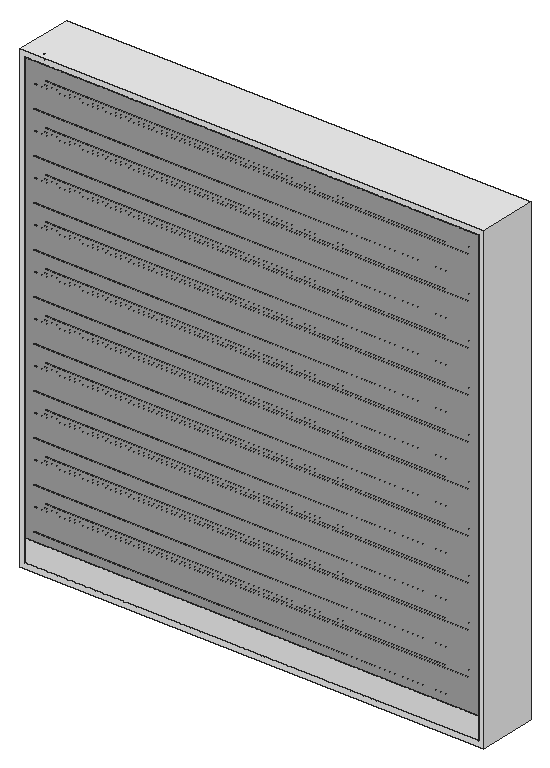
Revit family
Parameters (values of type "Louver_Drnable_EDD-637_All-Lite")
  Warranty = "http://www.alllite-louvers.com/All-Lite_Warranty.pdf"
  URL = "http://www.alllite-louvers.com"
  Specifications = "http://www.alllite-louvers.com/catalog/AEDD-637-csi-specification.doc"
  Spacing = 0.375 ft
  SmartBIM Object Version = 3  # constant formula
  SmartBIM Object Created By = "Reed Construction Data"  # constant formula
  Shim Thickness = 0.042 ft
  Screen Width = Width - (2 * Shim Thickness)  # 3.916 ft
  Screen Height = Height - (2 * Shim Thickness) - 0.198333 ft  # 3.717667 ft
  Screen = Aluminum
  Rough Width = 0.0 ft
  Rough Height = 0.0 ft
  Product URL = "http://www.alllite-louvers.com/catalog.php?model=EDD-637"
  Pressure Loss (in.wg.) = "0.15"  # constant formula
  OmniClass Title = "Exterior Louvers and Grilles"  # constant formula
  OmniClass Code = "23-60 11 17"  # constant formula
  Model = "EDD-637"  # constant formula
  Minimum Size = "4.5\" x 8\""
  Maximum Size - Single Section = "60\" x 120\" or 120\" x 60\""
  Maximum Size - Multiple Section = "Unlimited "
  Manufacturer = "All-Lite"  # constant formula
  Blades Width = Width - (2 * Shim Thickness) - 2 * 0.072917 ft  # 3.770167 ft
  Blades = Mill finish, 6063-T5 Extruded Aluminum
  Installation = "http://www.alllite-louvers.com/catalog/Installation.pdf"
  Height = 4.0 ft
  Free Area for 48”x48” Louver = "57.5%"
  Free Area Velocity (fpm) = "1113"  # constant formula
  Free Area (ft²) for 48"x48" Louver = 9.2 ft
  Frame = Mill finish, 6063-T5 Extruded Aluminum
  Default Sill Height = 3.0 ft
  Wall Closure = (empty or 0)
  Width = 4.0 ft
  Cut Sheet = "http://www.alllite-louvers.com/catalog/AEDD637.pdf"
  Assembly Code = "B2010300"
  Air Volume Delivered (cfm) = "10,242"  # constant formula
  95 CSI = "10200 "  # constant formula
  04 CSI = "08 91 00"  # constant formula
  # of Blades = (Height - 0.25 ft) / (Spacing)  # 10
Reference planes (ft)
  plane 1 "Center (Front/Back)": y = 0
  plane 2: z = 0.291667
  plane 3 "Center (Left/Right)": x = 0
  plane 4 "Left": x = -2
  plane 5 "Right": x = 2
  plane 6 "Sill": z = 3.291667
  plane 7 "Top": z = 7.291667
  plane 8: x = -1.958
  plane 9: x = 1.958
  plane 10: z = 7.249667
  plane 11: z = 3.333667
  plane 12: z = 5.291667
  plane 13: z = 3.417
  plane 14: z = 3.458667
  plane 15: z = 7.166333
  plane 16: z = 7.124667
  plane 17: z = 7.062167
  plane 18: y = -0.165917
Forms (ft)
  Sweep 1, solid, material "Mill finish, 6063-T5 Extruded Aluminum" <- "Frame"
    path origin (-5, 0.333333, 0) x (-1, 0, 0) y (0, 0, 1)
      loop
        line (-6.890292, 7.249667) -> (-3.109708, 7.249667)
    profile "Head Horizontal Mullion : Head Horizontal Mullion" origin (0, 0.333333, 7.249667) x (0, 0, 1) y (0, 1, 0)
      loop
        line (-0.083333, -0.00675) -> (-0.142259, -0.065676) -> (-0.137486, -0.070449) -> (-0.080537, -0.0135) -> (-0.00675, -0.0135) -> (-0.00675, -0.071625)
        arc (-0.00675, -0.071625) -> (-0.007739, -0.074011) -> (-0.010125, -0.075) r 0.003375
        line (-0.010125, -0.075) -> (-0.027583, -0.075) -> (-0.027583, -0.08175) -> (-0.307684, -0.08175) -> (-0.307684, -0.0135) -> (-0.231101, -0.0135) -> (-0.231101, -0.00675) -> (-0.314434, -0.00675) -> (-0.314434, -0.0885) -> (-0.206564, -0.0885)
        arc (-0.206564, -0.0885) -> (-0.204178, -0.089489) -> (-0.203189, -0.091875) r 0.003375
        line (-0.203189, -0.091875) -> (-0.203189, -0.104254)
        arc (-0.203189, -0.104254) -> (-0.203748, -0.106115) -> (-0.20524, -0.107359) r 0.003375
        arc (-0.20524, -0.107359) -> (-0.213421, -0.117587) -> (-0.209404, -0.130053) r 0.013833
        arc (-0.209404, -0.130053) -> (-0.205743, -0.130726) -> (-0.203689, -0.127621) r 0.003375
        arc (-0.203689, -0.127621) -> (-0.203959, -0.126299) -> (-0.204725, -0.125188) r 0.003375
        arc (-0.204725, -0.125188) -> (-0.199814, -0.113) -> (-0.194904, -0.125188) r 0.007083
        arc (-0.194904, -0.125188) -> (-0.19567, -0.126299) -> (-0.195939, -0.127621) r 0.003375
        arc (-0.195939, -0.127621) -> (-0.193886, -0.130726) -> (-0.190225, -0.130053) r 0.003375
        arc (-0.190225, -0.130053) -> (-0.186208, -0.117587) -> (-0.194388, -0.107359) r 0.013833
        arc (-0.194388, -0.107359) -> (-0.19588, -0.106115) -> (-0.196439, -0.104254) r 0.003375
        line (-0.196439, -0.104254) -> (-0.196439, -0.091875)
        arc (-0.196439, -0.091875) -> (-0.195451, -0.089489) -> (-0.193064, -0.0885) r 0.003375
        line (-0.193064, -0.0885) -> (-0.06925, -0.0885) -> (-0.06925, -0.09525) -> (-0.046442, -0.09525)
        arc (-0.046442, -0.09525) -> (-0.044055, -0.096239) -> (-0.043067, -0.098625) r 0.003375
        line (-0.043067, -0.098625) -> (-0.043067, -0.104254)
        arc (-0.043067, -0.104254) -> (-0.043626, -0.106115) -> (-0.045118, -0.107359) r 0.003375
        arc (-0.045118, -0.107359) -> (-0.053298, -0.117587) -> (-0.049281, -0.130053) r 0.013833
        arc (-0.049281, -0.130053) -> (-0.04562, -0.130726) -> (-0.043567, -0.127621) r 0.003375
        arc (-0.043567, -0.127621) -> (-0.043836, -0.126299) -> (-0.044602, -0.125188) r 0.003375
        arc (-0.044602, -0.125188) -> (-0.039692, -0.113) -> (-0.034781, -0.125188) r 0.007083
        arc (-0.034781, -0.125188) -> (-0.035547, -0.126299) -> (-0.035817, -0.127621) r 0.003375
        arc (-0.035817, -0.127621) -> (-0.033763, -0.130726) -> (-0.030102, -0.130053) r 0.003375
        arc (-0.030102, -0.130053) -> (-0.026085, -0.117587) -> (-0.034266, -0.107359) r 0.013833
        arc (-0.034266, -0.107359) -> (-0.035758, -0.106115) -> (-0.036317, -0.104254) r 0.003375
        line (-0.036317, -0.104254) -> (-0.036317, -0.098625)
        arc (-0.036317, -0.098625) -> (-0.035328, -0.096239) -> (-0.032942, -0.09525) r 0.003375
        line (-0.032942, -0.09525) -> (-0.00675, -0.09525) -> (-0.00675, -0.384167)
        arc (-0.00675, -0.384167) -> (-0.007739, -0.386553) -> (-0.010125, -0.387542) r 0.003375
        line (-0.010125, -0.387542) -> (-0.023858, -0.387542)
        arc (-0.023858, -0.387542) -> (-0.025719, -0.386983) -> (-0.026963, -0.385491) r 0.003375
        arc (-0.026963, -0.385491) -> (-0.037191, -0.37731) -> (-0.049657, -0.381327) r 0.013833
        arc (-0.049657, -0.381327) -> (-0.05033, -0.384988) -> (-0.047225, -0.387042) r 0.003375
        arc (-0.047225, -0.387042) -> (-0.045903, -0.386772) -> (-0.044793, -0.386006) r 0.003375
        arc (-0.044793, -0.386006) -> (-0.032604, -0.390917) -> (-0.044793, -0.395827) r 0.007083
        arc (-0.044793, -0.395827) -> (-0.045903, -0.395061) -> (-0.047225, -0.394792) r 0.003375
        arc (-0.047225, -0.394792) -> (-0.05033, -0.396845) -> (-0.049657, -0.400506) r 0.003375
        arc (-0.049657, -0.400506) -> (-0.037191, -0.404523) -> (-0.026963, -0.396343) r 0.013833
        arc (-0.026963, -0.396343) -> (-0.025719, -0.394851) -> (-0.023858, -0.394292) r 0.003375
        line (-0.023858, -0.394292) -> (-0.010125, -0.394292)
        arc (-0.010125, -0.394292) -> (-0.007739, -0.39528) -> (-0.00675, -0.397667) r 0.003375
        line (-0.00675, -0.397667) -> (-0.00675, -0.49325) -> (-0.0625, -0.49325) -> (-0.0625, -0.5) -> (0, -0.5) -> (0, -0.00675) -> (-0.083333, -0.00675)
  Sweep 2, solid, material "Mill finish, 6063-T5 Extruded Aluminum" <- "Frame"
    path origin (-5, 0.333333, 0) x (-1, 0, 0) y (0, 0, 1)
      loop
        line (-6.958, 3.333667) -> (-3.042, 3.333667)
    profile "Horizontal Mullion : Horizontal Mullion" origin (0, 0.333333, 3.333667) x (0, 0, 1) y (0, 1, 0)
      loop
        line (0.076583, -0.00675) -> (0.076583, -0.5) -> (0.00675, -0.5) -> (0.00675, -0.465083) -> (0, -0.465083) -> (0, -0.50675) -> (0.197917, -0.50675) -> (0.197917, -0.5) -> (0.083333, -0.5) -> (0.083333, 0) -> (0, 0) -> (0, -0.041667) -> (0.00675, -0.041667) -> (0.00675, -0.00675) -> (0.076583, -0.00675)
  Sweep 3, solid, material "Mill finish, 6063-T5 Extruded Aluminum" <- "Frame"
    path origin (-5, 0.333333, 0) x (-1, 0, 0) y (0, 0, 1)
      loop
        line (-6.958, 3.417) -> (-6.958, 7.249667)
    profile "Vertical Mullion : Vertical Mullion" origin (1.958, 0.333333, 5.333333) x (1, 0, 0) y (0, 1, 0)
      loop
        line (-0.067708, -0.08175) -> (-0.067708, -0.5) -> (0, -0.5) -> (0, -0.472417) -> (-0.00675, -0.472417) -> (-0.00675, -0.49325) -> (-0.060958, -0.49325) -> (-0.060958, -0.0885) -> (0, -0.0885) -> (0, 0) -> (-0.083333, 0) -> (-0.083333, -0.00675) -> (-0.067708, -0.00675) -> (-0.067708, -0.022375) -> (-0.060958, -0.022375) -> (-0.060958, -0.00675) -> (-0.00675, -0.00675) -> (-0.00675, -0.08175) -> (-0.067708, -0.08175)
  Sweep 4, solid, material "Mill finish, 6063-T5 Extruded Aluminum" <- "Frame"
    path origin (5, 0.333333, 0) x (1, 0, 0) y (0, 0, -1)
      loop
        line (-6.958, -3.417) -> (-6.958, -7.249667)
    profile "Vertical Mullion : Vertical Mullion" origin (-1.958, 0.333333, 5.333333) x (1, 0, 0) y (0, 1, 0)
      loop
        line (0.067708, -0.08175) -> (0.00675, -0.08175) -> (0.00675, -0.00675) -> (0.060958, -0.00675) -> (0.060958, -0.022375) -> (0.067708, -0.022375) -> (0.067708, -0.00675) -> (0.083333, -0.00675) -> (0.083333, 0) -> (0, 0) -> (0, -0.0885) -> (0.060958, -0.0885) -> (0.060958, -0.49325) -> (0.00675, -0.49325) -> (0.00675, -0.472417) -> (0, -0.472417) -> (0, -0.5) -> (0.067708, -0.5) -> (0.067708, -0.08175)
  Sweep 5, solid, material "Mill finish, 6063-T5 Extruded Aluminum" <- "Frame"
    path origin (-5, 0.333333, 0) x (-1, 0, 0) y (0, 0, 1)
      loop
        line (-3, 7.291667) -> (-7, 7.291667) -> (-7, 3.291667) -> (-3, 3.291667) -> (-3, 7.291667)
    profile origin (-2, 0.333333, 5.291667) x (0, 1, 0) y (-1, 0, 0)
      loop
        line (0, 0) -> (-0.50675, 0) -> (-0.50675, -0.042) -> (0, -0.042) -> (0, 0)
  Extrusion 6, solid, material "Aluminum" <- "Screen"
    sketch origin (1.458333, 0, 3.416667) x (0, 0, 1) y (-1, 0, 0)
      loop
        line (0.114917, -0.499667) -> (3.833, -0.499667) -> (3.833, 3.416333) -> (0.114917, 3.416333) -> (0.114917, -0.499667)
    from 0.166667 to 0.173417
Cuts and joins
  joined: Sweep 3, Sweep 4
Lines and regions (ft)
  Opening 1
    outline origin (-5, -0.333333, 0) x (1, 0, 0) y (0, 0, 1)
      loop
        line (3, 7.291667) -> (3, 3.291667) -> (7, 3.291667) -> (7, 7.291667) -> (3, 7.291667)
  Masking region 1, detail levels coarse+medium
    outline origin (0, 0, 0) x (1, 0, 0) y (0, 1, 0)
      loop
        line (-2, -0.173417) -> (-1.890292, -0.173417) -> (-1.890292, 0.333333) -> (-2, 0.333333) -> (-2, -0.173417)
  Masking region 2, detail levels fine
    outline origin (0, 0, 0) x (1, 0, 0) y (0, 1, 0)
      loop
        line (-1.890292, 0.251583) -> (-1.95125, 0.251583) -> (-1.95125, 0.326583) -> (-1.897042, 0.326583) -> (-1.897042, 0.310958) -> (-1.890292, 0.310958) -> (-1.890292, 0.326583) -> (-1.874667, 0.326583) -> (-1.874667, 0.333333) -> (-1.958, 0.333333) -> (-1.958, 0.244833) -> (-1.897042, 0.244833) -> (-1.897042, -0.159917) -> (-1.95125, -0.159917) -> (-1.95125, -0.139083) -> (-1.958, -0.139083) -> (-1.958, -0.166667) -> (-1.890292, -0.166667) -> (-1.890292, 0.251583)
  Masking region 3, detail levels coarse+medium
    outline origin (0, 0, 0) x (1, 0, 0) y (0, 1, 0)
      loop
        line (2, -0.173417) -> (2, 0.333333) -> (1.890292, 0.333333) -> (1.890292, -0.173417) -> (2, -0.173417)
  Masking region 4, detail levels fine
    outline origin (0, 0, 0) x (1, 0, 0) y (0, 1, 0)
      loop
        line (1.897042, 0.244833) -> (1.958, 0.244833) -> (1.958, 0.333333) -> (1.874667, 0.333333) -> (1.874667, 0.326583) -> (1.890292, 0.326583) -> (1.890292, 0.310958) -> (1.897042, 0.310958) -> (1.897042, 0.326583) -> (1.95125, 0.326583) -> (1.95125, 0.251583) -> (1.890292, 0.251583) -> (1.890292, -0.166667) -> (1.958, -0.166667) -> (1.958, -0.139083) -> (1.95125, -0.139083) -> (1.95125, -0.159917) -> (1.897042, -0.159917) -> (1.897042, 0.244833)
Text (ft)
  text "EXTERIOR" at (-4.890733, 4.242245, 0), in view "Ref. Level"
  text "INTERIOR" at (-4.890733, -3.147199, 0), in view "Ref. Level"
  text "Exterior" at (0, 3.638026, 10.266337), in view "Left"
  text "Exterior" at (0, 1.524487, 10.420622), in view "Right"
Dimensions and locks (ft)
  equal spacing: plane 4 "Left", plane 3 "Center (Left/Right)", plane 5 "Right"
  "Width": plane 4 "Left" to plane 5 "Right"
  "Height": plane 6 "Sill" to plane 7 "Top"
  "Default Sill Height": plane 2 to plane 6 "Sill"
  "Shim Thickness": plane 4 "Left" to plane 8
  "Shim Thickness": plane 9 to plane 5 "Right"
  "Shim Thickness": plane 10 to plane 7 "Top"
  "Shim Thickness": plane 6 "Sill" to plane 11
  equal spacing: plane 11, plane 12, plane 10
  locked: plane 13 to plane 11 at 0.083333
  locked: plane 14 to plane 13 at 0.041667
  locked: plane 10 to plane 15 at 0.083333
  locked: plane 15 to plane 16 at 0.041667
  locked: plane 10 to plane 17 at 0.1875
  equal spacing: group 1, group 3, group 4, group 5, group 6, group 7, group 8, group 9, group 10, group 2  (x3)
  locked: host wall to plane 18 at 0.49925
  aligned and locked: plane 7 "Top" to Opening 1 sketch curve
  aligned and locked: plane 6 "Sill" to Opening 1 sketch curve  (x2)
  aligned and locked: plane 5 "Right" to Opening 1 sketch curve
  aligned and locked: plane 4 "Left" to Opening 1 sketch curve
  aligned and locked: plane 10 to Sweep 1 sketch curve
  aligned and locked: Sweep 2 sketch curve to plane 11
  aligned and locked: plane 8 to Sweep 2 sketch curve
  aligned and locked: plane 9 to Sweep 3 sketch curve
  aligned and locked: Sweep 4 sketch curve to plane 8
  aligned and locked: Sweep 5 sketch curve to plane 4 "Left"
  aligned and locked: Sweep 5 sketch curve to plane 7 "Top"
  aligned and locked: Sweep 5 sketch curve to plane 6 "Sill"
  aligned and locked: Sweep 5 sketch curve to plane 5 "Right"
  aligned and locked: Sweep 5 sketch curve to host wall  (x2)
  aligned and locked: plane 8 to Sweep 5 sketch curve
  aligned and locked: plane 3 "Center (Left/Right)" to nested 1
  aligned and locked: plane 10 to Sweep 4 sketch curve
  aligned and locked: profile plane to host wall
  aligned and locked: Sweep 4 sketch curve to Sweep 2
  aligned and locked: Sweep 5 sketch curve to Sweep 2
  aligned and locked: plane 3 "Center (Left/Right)" to nested 2
  aligned and locked: Sweep 2 to Extrusion 6 sketch curve
  aligned and locked: Extrusion 6 sketch curve to Sweep 1
  aligned and locked: Extrusion 6 to Sweep 2
  aligned and locked: Sweep 5 to Extrusion 6
  aligned and locked: nested 1 to cut or joined group of Sweep 3, Sweep 4
  aligned and locked: plane 14 to nested 1
  aligned and locked: nested 2 to plane 16
  aligned and locked: cut or joined group of Sweep 3, Sweep 4 to Sweep 1 sketch curve
  aligned and locked: Sweep 1 sketch curve to cut or joined group of Sweep 3, Sweep 4
  aligned and locked: cut or joined group of Sweep 3, Sweep 4 to Extrusion 6 sketch curve
  aligned and locked: Extrusion 6 sketch curve to cut or joined group of Sweep 3, Sweep 4
  aligned and locked: Masking region 1 sketch curve to plane 4 "Left"
  aligned and locked: Masking region 1 sketch curve to Sweep 5
  aligned and locked: Masking region 1 sketch curve to cut or joined group of Sweep 3, Sweep 4
  aligned and locked: Sweep 5 to Masking region 1 sketch curve
  aligned and locked: Masking region 2 sketch curve to cut or joined group of Sweep 3, Sweep 4  (x12)
  aligned and locked: Sweep 2 to Masking region 2 sketch curve  (x2)
  aligned and locked: Masking region 2 sketch curve to plane 8  (x2)
  aligned and locked: Extrusion 6 to Masking region 2 sketch curve
  aligned and locked: Masking region 3 sketch curve to plane 5 "Right"
  aligned and locked: Sweep 5 to Masking region 3 sketch curve
  aligned and locked: Masking region 3 sketch curve to cut or joined group of Sweep 3, Sweep 4
  aligned and locked: Masking region 3 sketch curve to Sweep 5
  aligned and locked: Masking region 4 sketch curve to cut or joined group of Sweep 3, Sweep 4  (x14)
  aligned and locked: plane 9 to Masking region 4 sketch curve  (x2)
  aligned and locked: Masking region 4 sketch curve to Sweep 2
  aligned and locked: Masking region 4 sketch curve to Extrusion 6
  aligned and locked: plane 18 to nested 2
Automatic sketch dimensions
  Sweep 3 sketch curve to plane 10 = 0.0 ft
  Sweep 2 sketch curve to plane 9 = 0.0 ft
  Sweep 3 sketch curve to plane 13 = 0.0 ft
  Masking region 2 sketch curve to host wall = 0.00675 ft
Nested families (ft)
  nested 1: "Louver Single" at (0, 0.166271, 3.458667), type "Louver"
    with Louver Length 3.770167 ft
  nested 2: "Louver Single" at (0, 0.166271, 6.728503), type "Louver"
    with Louver Length 3.770167 ft
  nested 3: "Louver Single" at (0, 0.166271, 3.821982), type "Louver"
    with Louver Length 3.770167 ft
  nested 4: "Louver Single" at (0, 0.166271, 4.185297), type "Louver"
    with Louver Length 3.770167 ft
  nested 5: "Louver Single" at (0, 0.166271, 4.548612), type "Louver"
    with Louver Length 3.770167 ft
  nested 6: "Louver Single" at (0, 0.166271, 4.911927), type "Louver"
    with Louver Length 3.770167 ft
  nested 7: "Louver Single" at (0, 0.166271, 5.275243), type "Louver"
    with Louver Length 3.770167 ft
  nested 8: "Louver Single" at (0, 0.166271, 5.638558), type "Louver"
    with Louver Length 3.770167 ft
  nested 9: "Louver Single" at (0, 0.166271, 6.001873), type "Louver"
    with Louver Length 3.770167 ft
  nested 10: "Louver Single" at (0, 0.166271, 6.365188), type "Louver"
    with Louver Length 3.770167 ft
Connectors (ft)
  hvac at (0, -0.173417, 5.390625), driven by "Screen Height", driven by "Screen Width"
    settings: on Extrusion 6, index 1, duct flow 0 CFM, flow factor 0, pres drop 0.00 in-wg, loss coef 0, conn angle 0.00°, conn width 46.992", conn height 44.612", conn radius 12", duct sys type 4, conn prof type 1, flow config 0, flow direction 0, loss method 0, conn ref index -1, conn util no, is conn primary yes, conn desc ""
Definition of nested family "Louver Single"
  Parameters (values of type "Louver")
    Louver Length = 3.0 ft
    Depth = 0.156576 ft
    Louver Single = yes
    Louver = All-Lite - El Cajon Silver
    Assembly Code = ""
  Reference planes (ft)
    plane 1 "Center (Front/Back)": y = -0.085938
    plane 2: z = 0
    plane 3 "Center (Left/Right)": x = 0
    plane 4: x = -1.5
    plane 5: x = 1.5
    plane 6: y = -0.332188
    plane 7: y = 0.160312
    plane 8: z = 0.396163
  Forms (ft)
    Extrusion 1, solid, material "All-Lite - El Cajon Silver" <- "Louver"
      sketch origin (0, 0.083333, 0) x (0, 1, 0) y (0, 0, 1)
        loop
          line (0.055647, 0.068779) -> (0.059663, 0.063353) -> (0.070229, 0.071171) -> (0.070229, 0.015666)
          arc (0.070229, 0.015666) -> (0.065326, 0.007704) -> (0.056009, 0.008499) r 0.008917
          line (0.056009, 0.008499) -> (0.001146, 0.049095) -> (0.001146, 0.084853) -> (-0.069302, 0.155301)
          arc (-0.069302, 0.155301) -> (-0.072208, 0.155879) -> (-0.073854, 0.153415) r 0.002667
          line (-0.073854, 0.153415) -> (-0.073854, 0.141165)
          arc (-0.073854, 0.141165) -> (-0.077044, 0.136392) -> (-0.082674, 0.137512) r 0.005167
          line (-0.082674, 0.137512) -> (-0.189135, 0.243973)
          arc (-0.189135, 0.243973) -> (-0.192041, 0.244551) -> (-0.193688, 0.242088) r 0.002667
          line (-0.193688, 0.242088) -> (-0.193688, 0.238052)
          arc (-0.193688, 0.238052) -> (-0.195154, 0.23567) -> (-0.19794, 0.235908) r 0.002667
          line (-0.19794, 0.235908) -> (-0.29394, 0.306944)
          arc (-0.29394, 0.306944) -> (-0.339522, 0.330546) -> (-0.390202, 0.338686) r 0.161833
          line (-0.390202, 0.338686) -> (-0.402438, 0.338686)
          arc (-0.402438, 0.338686) -> (-0.404323, 0.339467) -> (-0.405104, 0.341353) r 0.002667
          line (-0.405104, 0.341353) -> (-0.405104, 0.385981) -> (-0.403953, 0.382353) -> (-0.399938, 0.387779) -> (-0.411268, 0.396163)
          arc (-0.411268, 0.396163) -> (-0.414054, 0.396401) -> (-0.415521, 0.39402) r 0.002667
          line (-0.415521, 0.39402) -> (-0.415521, 0.334603)
          arc (-0.415521, 0.334603) -> (-0.41474, 0.332717) -> (-0.412854, 0.331936) r 0.002667
          line (-0.412854, 0.331936) -> (-0.390202, 0.331936)
          arc (-0.390202, 0.331936) -> (-0.350866, 0.326865) -> (-0.314102, 0.311981) r 0.155083
          arc (-0.314102, 0.311981) -> (-0.320331, 0.304314) -> (-0.319857, 0.294447) r 0.013833
          line (-0.319857, 0.294447) -> (-0.313675, 0.297156)
          arc (-0.313675, 0.297156) -> (-0.303313, 0.305929) -> (-0.307188, 0.292917) r 0.007083
          line (-0.307188, 0.292917) -> (-0.307188, 0.286167)
          arc (-0.307188, 0.286167) -> (-0.298064, 0.289602) -> (-0.293472, 0.2982) r 0.013833
          line (-0.293472, 0.2982) -> (-0.195177, 0.225466)
          arc (-0.195177, 0.225466) -> (-0.190608, 0.224675) -> (-0.187244, 0.227867) r 0.005167
          arc (-0.187244, 0.227867) -> (-0.185316, 0.229566) -> (-0.182849, 0.228849) r 0.002667
          line (-0.182849, 0.228849) -> (-0.087447, 0.133446)
          arc (-0.087447, 0.133446) -> (-0.076091, 0.130322) -> (-0.067597, 0.138481) r 0.011917
          arc (-0.067597, 0.138481) -> (-0.065696, 0.140307) -> (-0.063155, 0.139608) r 0.002667
          line (-0.063155, 0.139608) -> (-0.036951, 0.113404)
          arc (-0.036951, 0.113404) -> (-0.048094, 0.1069) -> (-0.049024, 0.09403) r 0.013833
          line (-0.049024, 0.09403) -> (-0.042842, 0.09674)
          arc (-0.042842, 0.09674) -> (-0.032479, 0.105513) -> (-0.036354, 0.0925) r 0.007083
          line (-0.036354, 0.0925) -> (-0.036354, 0.08575) -> (-0.023438, 0.08575)
          arc (-0.023438, 0.08575) -> (-0.022283, 0.086522) -> (-0.022554, 0.087884) r 0.00125
          line (-0.022554, 0.087884) -> (-0.025579, 0.090909)
          arc (-0.025579, 0.090909) -> (-0.02341, 0.094704) -> (-0.022534, 0.098987) r 0.013833
          line (-0.022534, 0.098987) -> (-0.005604, 0.082057) -> (-0.005604, 0.045693) -> (0.051993, 0.003073)
          arc (0.051993, 0.003073) -> (0.068364, 0.001677) -> (0.076979, 0.015667) r 0.015667
          line (0.076979, 0.015667) -> (0.076979, 0.082083)
          arc (0.076979, 0.082083) -> (0.076292, 0.0832) -> (0.074986, 0.083088) r 0.00125
          line (0.074986, 0.083088) -> (0.055647, 0.068779)
      from -1.5 to 1.5
    Extrusion 2, solid, material "All-Lite - El Cajon Silver" <- "Louver"
      sketch origin (-1.5, 0.083333, 0) x (0, -1, 0) y (0, 0, 1)
        loop
          line (0.32538, 0.278583) -> (0.313116, 0.297546)
          arc (0.313116, 0.297546) -> (0.30344, 0.305208) -> (0.307631, 0.293599) r 0.006417
          line (0.307631, 0.293599) -> (0.310255, 0.28954)
          arc (0.310255, 0.28954) -> (0.310745, 0.287119) -> (0.309453, 0.285013) r 0.003375
          line (0.309453, 0.285013) -> (0.051523, 0.090559)
          arc (0.051523, 0.090559) -> (0.049013, 0.089913) -> (0.046785, 0.091237) r 0.003375
          line (0.046785, 0.091237) -> (0.042322, 0.097225)
          arc (0.042322, 0.097225) -> (0.032519, 0.104728) -> (0.03691, 0.093191) r 0.006417
          line (0.03691, 0.093191) -> (0.050932, 0.074379)
          arc (0.050932, 0.074379) -> (0.053844, 0.072143) -> (0.057494, 0.071762) r 0.00675
          line (0.057494, 0.071762) -> (0.409802, 0.1327)
          arc (0.409802, 0.1327) -> (0.413895, 0.134977) -> (0.415521, 0.13937) r 0.00675
          line (0.415521, 0.13937) -> (0.415521, 0.196205)
          arc (0.415521, 0.196205) -> (0.414952, 0.198917) -> (0.413342, 0.201172) r 0.00675
          line (0.413342, 0.201172) -> (0.32538, 0.278583)
      from -3 to 0
    Extrusion 3, void
      sketch origin (0, 0.083333, 0) x (0, 1, 0) y (0, 0, 1)
        loop
          line (-0.055528, 0.085125) -> (-0.31274, 0.279037)
          arc (-0.31274, 0.279037) -> (-0.31536, 0.279666) -> (-0.317606, 0.278175) r 0.003375
          line (-0.317606, 0.278175) -> (-0.32022, 0.274133) -> (-0.408771, 0.196203) -> (-0.408771, 0.139371) -> (-0.058386, 0.078766)
          arc (-0.058386, 0.078766) -> (-0.056464, 0.078998) -> (-0.054985, 0.080248) r 0.003375
          arc (-0.054985, 0.080248) -> (-0.054205, 0.082803) -> (-0.055528, 0.085125) r 0.003375
      from -1.5 to 1.5
  Cuts and joins
    Extrusion 3 cuts Extrusion 1
    Extrusion 3 cuts Extrusion 2
  Dimensions and locks (ft)
    equal spacing: plane 4, plane 3 "Center (Left/Right)", plane 5
    "Louver Length": plane 4 to plane 5
    aligned and locked: cut or joined group of Extrusion 2, Extrusion 3 to plane 4  (x2)
    aligned and locked: cut or joined group of Extrusion 1, Extrusion 3 to plane 4
    aligned and locked: plane 5 to cut or joined group of Extrusion 1, Extrusion 3
    aligned and locked: plane 5 to cut or joined group of Extrusion 2, Extrusion 3  (x2)
  Automatic sketch dimensions
    Extrusion 1 sketch curve to Extrusion 1 sketch curve = 0.0 ft  (x19)
    Extrusion 1 sketch curve to Extrusion 1 sketch curve = 0.002667 ft  (x6)
    Extrusion 1 sketch curve to Extrusion 1 sketch curve = 0.00775 ft
    Extrusion 1 sketch curve to Extrusion 1 sketch curve = 0.001152 ft
    Extrusion 1 sketch curve to Extrusion 1 sketch curve = 0.012236 ft
    Extrusion 1 sketch curve to Extrusion 1 sketch curve = 0.070345 ft
    Extrusion 1 sketch curve to Extrusion 1 sketch curve = 0.005755 ft
    Extrusion 1 sketch curve to Extrusion 1 sketch curve = 0.006182 ft  (x2)
    Extrusion 1 sketch curve to Extrusion 1 sketch curve = 0.006487 ft  (x2)
    Extrusion 1 sketch curve to Extrusion 1 sketch curve = 0.013248 ft
    Extrusion 1 sketch curve to Extrusion 1 sketch curve = 0.000468 ft
    Extrusion 1 sketch curve to Extrusion 1 sketch curve = 0.095531 ft
    Extrusion 1 sketch curve to Extrusion 1 sketch curve = 0.001586 ft  (x2)
    Extrusion 1 sketch curve to Extrusion 1 sketch curve = 0.002763 ft
    Extrusion 1 sketch curve to Extrusion 1 sketch curve = 0.003073 ft
    Extrusion 1 sketch curve to Extrusion 1 sketch curve = 0.001886 ft  (x4)
    Extrusion 1 sketch curve to Extrusion 1 sketch curve = 0.00486 ft
    Extrusion 1 sketch curve to Extrusion 1 sketch curve = 0.002509 ft
    level to Extrusion 1 sketch curve = 0.133446 ft
    Extrusion 1 sketch curve to Extrusion 1 sketch curve = 0.095402 ft
    level to Extrusion 1 sketch curve = 0.137512 ft
    Extrusion 1 sketch curve to Extrusion 1 sketch curve = 0.004773 ft
    Extrusion 1 sketch curve to Extrusion 1 sketch curve = 0.003653 ft
    Extrusion 1 sketch curve to Extrusion 1 sketch curve = 0.005167 ft  (x2)
    Extrusion 1 sketch curve to Extrusion 1 sketch curve = 0.006257 ft
    Extrusion 1 sketch curve to Extrusion 1 sketch curve = 0.002556 ft
    Extrusion 1 sketch curve to Extrusion 1 sketch curve = 0.016017 ft
    level to Extrusion 1 sketch curve = 0.09674 ft
    level to Extrusion 1 sketch curve = 0.113404 ft
    Extrusion 1 sketch curve to Extrusion 1 sketch curve = 0.005891 ft
    Extrusion 1 sketch curve to Extrusion 1 sketch curve = 0.010776 ft
    Extrusion 1 sketch curve to Extrusion 1 sketch curve = 0.002141 ft
    Extrusion 1 sketch curve to Extrusion 1 sketch curve = 0.000884 ft
    Extrusion 1 sketch curve to Extrusion 1 sketch curve = 0.003045 ft
    level to Extrusion 1 sketch curve = 0.045693 ft
    Extrusion 1 sketch curve to Extrusion 1 sketch curve = 0.017833 ft
    Extrusion 1 sketch curve to Extrusion 1 sketch curve = 0.00675 ft  (x3)
    level to Extrusion 1 sketch curve = 0.003073 ft
    Extrusion 1 sketch curve to Extrusion 1 sketch curve = 0.050848 ft
    level to Extrusion 1 sketch curve = 0.068779 ft
    Extrusion 1 sketch curve to Extrusion 1 sketch curve = 0.054502 ft
    level to Extrusion 1 sketch curve = 0.008499 ft
    Extrusion 1 sketch curve to Extrusion 1 sketch curve = 0.004015 ft  (x2)
    level to Extrusion 1 sketch curve = 0.063353 ft
    Extrusion 1 sketch curve to Extrusion 1 sketch curve = 0.005304 ft
    Extrusion 1 sketch curve to Extrusion 1 sketch curve = 0.008917 ft
    Extrusion 1 sketch curve to Extrusion 1 sketch curve = 0.004757 ft
    Extrusion 1 sketch curve to Extrusion 1 sketch curve = 0.000743 ft
    Extrusion 1 sketch curve to Extrusion 1 sketch curve = 0.00125 ft  (x2)
    Extrusion 1 sketch curve to Extrusion 1 sketch curve = 0.003402 ft
    Extrusion 1 sketch curve to Extrusion 1 sketch curve = 0.032963 ft
    Extrusion 1 sketch curve to Extrusion 1 sketch curve = 0.002796 ft
    Extrusion 1 sketch curve to Extrusion 1 sketch curve = 0.01099 ft  (x2)
    Extrusion 1 sketch curve to Extrusion 1 sketch curve = 0.003025 ft
    Extrusion 1 sketch curve to Extrusion 1 sketch curve = 0.003443 ft
    Extrusion 1 sketch curve to Extrusion 1 sketch curve = 0.01225 ft
    Extrusion 1 sketch curve to Extrusion 1 sketch curve = 0.117594 ft
    Extrusion 1 sketch curve to Extrusion 1 sketch curve = 0.004036 ft
    Extrusion 1 sketch curve to Extrusion 1 sketch curve = 0.008743 ft
    Extrusion 1 sketch curve to Extrusion 1 sketch curve = 0.003628 ft
    Extrusion 2 sketch curve to Extrusion 1 = 0.0 ft
    Extrusion 1 to Extrusion 2 sketch curve = 0.000556 ft
    Extrusion 1 to Extrusion 2 sketch curve = 0.005967 ft
    Extrusion 2 sketch curve to Extrusion 2 sketch curve = 0.004464 ft
    Extrusion 2 sketch curve to Extrusion 2 sketch curve = 0.002706 ft
    Extrusion 1 to Extrusion 2 sketch curve = 0.014578 ft
    Extrusion 2 sketch curve to Extrusion 2 sketch curve = 0.002032 ft
    Extrusion 2 sketch curve to Extrusion 2 sketch curve = 0.005412 ft
    Extrusion 2 sketch curve to Extrusion 2 sketch curve = 0.00115 ft
    Extrusion 1 to Extrusion 2 sketch curve = 0.000234 ft
    Extrusion 1 to Extrusion 2 sketch curve = 0.000443 ft
    Extrusion 1 to Extrusion 2 sketch curve = 0.002266 ft
    Extrusion 1 to Extrusion 2 sketch curve = 0.003068 ft
    Extrusion 1 to Extrusion 2 sketch curve = 0.005929 ft
    Extrusion 2 sketch curve to Extrusion 2 sketch curve = 0.015927 ft
    Extrusion 2 sketch curve to Extrusion 1 = 0.003667 ft  (x2)
    Extrusion 2 sketch curve to Extrusion 1 = 0.004698 ft
    Extrusion 2 sketch curve to Extrusion 1 = 0.002179 ft
    Extrusion 2 sketch curve to Extrusion 1 = 0.005487 ft
    Extrusion 2 sketch curve to Extrusion 2 sketch curve = 0.000678 ft
    Extrusion 1 to Extrusion 2 sketch curve = 0.007337 ft
    Extrusion 2 sketch curve to Extrusion 2 sketch curve = 0.004034 ft
    Extrusion 2 sketch curve to Extrusion 1 = 0.04695 ft
    Extrusion 2 sketch curve to Extrusion 2 sketch curve = 0.056835 ft
    Extrusion 2 sketch curve to Extrusion 2 sketch curve = 0.018963 ft
    Extrusion 2 sketch curve to Extrusion 2 sketch curve = 0.008586 ft
    Extrusion 2 sketch curve to Extrusion 2 sketch curve = 0.002695 ft
    level to Extrusion 3 sketch curve = 0.139371 ft
    Extrusion 3 sketch curve to Extrusion 3 sketch curve = 0.088551 ft
    Extrusion 3 sketch curve to Extrusion 3 sketch curve = 0.002614 ft
    Extrusion 3 sketch curve to Extrusion 3 sketch curve = 0.002834 ft
    Extrusion 3 sketch curve to Extrusion 3 sketch curve = 0.002032 ft  (x2)
    level to Extrusion 3 sketch curve = 0.078766 ft
    Extrusion 3 sketch curve to Extrusion 3 sketch curve = 0.256385 ft
    Extrusion 3 sketch curve to Extrusion 3 sketch curve = 0.000575 ft
    Extrusion 3 sketch curve to Extrusion 3 sketch curve = 0.000252 ft
    level to Extrusion 3 sketch curve = 0.085125 ft
    Extrusion 3 sketch curve to Extrusion 3 sketch curve = 0.002575 ft
    Extrusion 3 sketch curve to Extrusion 3 sketch curve = 0.001481 ft
    Extrusion 3 sketch curve to Extrusion 3 sketch curve = 0.056832 ft
    Extrusion 3 sketch curve to Extrusion 3 sketch curve = 0.002695 ft
    plane 1 "Center (Front/Back)" to Extrusion 1 sketch curve = 0.24625 ft
    plane 1 "Center (Front/Back)" to Extrusion 3 sketch curve = 0.2395 ft
    Extrusion 1 sketch curve to plane 8 = 0.0 ft
    plane 8 to Extrusion 1 sketch curve = 0.008384 ft
    level to Extrusion 1 sketch curve = 0.176853 ft
    Extrusion 1 sketch curve to Extrusion 1 sketch curve = 0.072051 ft
    Extrusion 1 sketch curve to Extrusion 1 sketch curve = 0.001497 ft
    Extrusion 1 sketch curve to Extrusion 1 sketch curve = 0.006288 ft
    Extrusion 1 sketch curve to Extrusion 1 sketch curve = 0.00828 ft
    Extrusion 3 sketch curve to Extrusion 3 sketch curve = 0.07793 ft
    Extrusion 3 sketch curve to Extrusion 3 sketch curve = 0.002209 ft
    radius of Extrusion 2 sketch curve to Extrusion 1 = 0.000667 ft  (x2)
